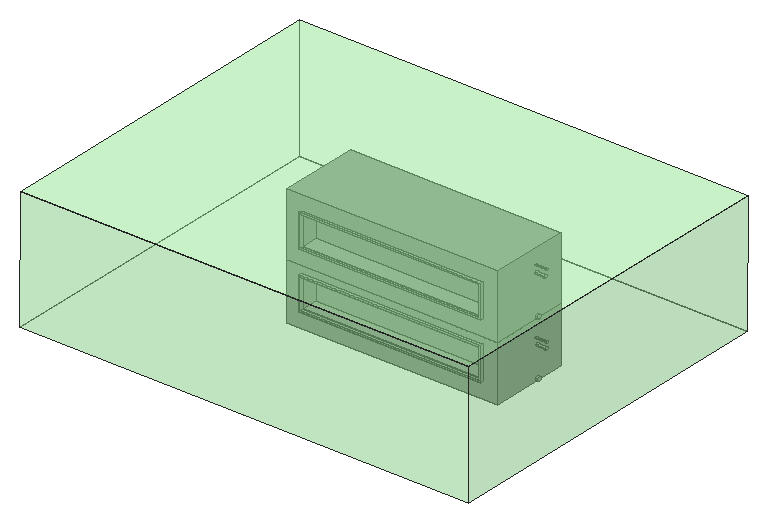
Revit family "BC_Hitachi_RPI-FSN3PE-16.0-20.0_LOD400", category Equipement de génie climatique, Revit 2016
Family settings
  Type d'élément = Normal
  Cote de connecteur circulaire = Utiliser le diamètre
  Numéro OmniClass = 23.75.00.00
  Titre OmniClass = Climate Control (HVAC)
  Basée sur le plan de construction = Non
  Toujours verticalement = Oui
  Couper avec des vides une fois chargée = Non
  Partagée = Non
  Point de calcul de pièce = Non
Parameters (values of type "RPI - 16.0 FSN3PE")
  Usage Current = 16.2 A
  Sound power max (dB(A)) = 79
  Refrigerant = "R410A"
  Product Code = "7E425038"
  Overall Width = 600.00 mm
  Overall Height = 1592.00 mm
  Overall Depth = 423.00 mm
  Output Width = Input Width  # 1376.00 mm
  Output Height = 250.00 mm
  Outlet Diameter = 25.00 mm
  Number of Poles = "1"
  Nominal Voltage = 230 V
  Minimum Air Flow = 120000.0 L/min
  Minimum AC Voltage = 207 V
  Maximum Air Flow = 132000.0 L/min
  Maximum AC Voltage = 253 V
  Operation and service space [instance] = yes
  Modèle = "Ducted unit RPI-FSN3/4 - 16 to 20"
  Mass = 171.00 kg
  Liquid pipe Height = 300.00 mm
  Liquid Diameter = 9.52 mm
  Input Width = 1376.00 mm
  Input Height = 324.00 mm
  Heating Capacity = 50 kW
  Gas pipe Height = 250.00 mm
  Gas Diameter = 19.05 mm
  Frequency = 50 Hz
  Drain pipe Height = 20.00 mm
  Fan motor type (output) = 1065 W
  Fabricant = "HITACHI"
  Distance from left liquid pipe = 360.00 mm
  Distance from left Gas pipe = 370.00 mm
  Distance from left Drain pipe = 370.00 mm
  Description = "Duct High pressure, Up to 220 Pa"
  Cooling Capacity = 45 kW
  Commentaires du type = "RPI - 16.0 FSN3PE"
  Color = ""
  Air outlet distance = 25.00 mm
  Air flow Speed (high/medium/low) m3/min) = "132/120"
  Acoustic Pressure Level Mini (dB) = 53
  Acoustic Pressure Level Maxi (dB) = 56
Types (2, lengths in mm): name | Usage Current | Sound power max (dB(A)) | Product Code | Minimum Air Flow | Maximum Air Flow | Heating Capacity | Gas Diameter | Distance from left Gas pipe | Cooling Capacity | Commentaires du type | Air flow Speed (high/medium/low) m3/min) | Acoustic Pressure Level Mini (dB) | Acoustic Pressure Level Maxi (dB)
  RPI - 16.0 FSN3PE | 16.2 A | 79 | "7E425038" | 120000.0 L/min | 132000.0 L/min | 50 kW | 19.05 | 370.00 | 45 kW | "RPI - 16.0 FSN3PE" | "132/120" | 53 | 56
  RPI - 20.0 FSN3PE | 17.7 A | 80 | "7E425039" | 137000.0 L/min | 150000.0 L/min | 63 kW | 22.20 | 360.00 | 63 kW | "RPI - 20.0 FSN3PE" | "150/137" | 54 | 57
Reference planes
  plane 1 "Centre (avant/arrière)": y = 0
  plane 2: z = 0
  plane 3 "Centre (gauche/droite)": x = 0
  plane 4 "Gauche Boitier": x = -796
  plane 5 "Droit Boitier": x = 796
  plane 6 "Top": y = 300
  plane 7 "Base": y = -300
  plane 8 "Profondeur": z = 423
  plane 9: z = 140
  plane 10: z = 86
  plane 11 "DECALAGE Air Inlet": y = 330
  plane 12 "Decalage Air outlet": y = -325
  plane 13: x = 688
  plane 14: x = -688
  plane 15: x = -688
  plane 16: x = 688
  plane 17: z = 373.5
  plane 18: z = 49.5
  plane 19: z = 211.5
  plane 20 "A": x = -1997
  plane 21: y = -1325
  plane 22 "B": x = 1397
  plane 23: y = 1325
  plane 24 "L1": z = 433
  plane 25 "L2": z = -10
  plane 26: z = 563
  plane 27: z = 509
  plane 28 "L3": z = 916
  plane 29: z = 123.5
  plane 30: z = 133.5
  plane 31: z = 363.5
  plane 32: x = -678
  plane 33: x = 678
  plane 34: z = 59.5
Forms (mm)
  Extrusion 1, solid, material "Aluminum"
    sketch origin (0, 0, 0) x (1, 0, 0) y (0, 1, 0)
      loop
        line (-796, 300) -> (-796, -300) -> (796, -300) -> (796, 300) -> (-796, 300)
    from 0 to 423
  Extrusion 2, solid, material "Copper"
    sketch origin (796, 0, 0) x (0, 1, 0) y (0, 0, 1)
      loop
        circle (60, 300) r 4.76
    from 0 to 91
  Extrusion 3, solid, material "Copper"
    sketch origin (796, 41.538, 47.769) x (0, 1, 0) y (0, 0, 1)
      loop
        circle (28.462, 202.231) r 9.525
    from 0 to 81
  Extrusion 4, solid, material "Plastic, Opaque White"
    sketch origin (796, 133.133, 76.392) x (0, 1, 0) y (0, 0, 1)
      loop
        circle (-63.133, -56.392) r 12.5
    from 0 to 22
  Extrusion 5, solid, material "Aluminum"
    sketch origin (0, -300, 0) x (-1, 0, 0) y (0, 0, 1)
      loop
        line (-688, 373.5) -> (-688, 123.5) -> (688, 123.5) -> (688, 373.5) -> (-688, 373.5)
    from 0 to -25
  Extrusion 6, solid, material "Aluminum"
    sketch origin (0, 300, 0) x (1, 0, 0) y (0, 0, 1)
      loop
        line (688, 373.5) -> (-688, 373.5) -> (-688, 49.5) -> (688, 49.5) -> (688, 373.5)
    from 0 to -30
  Extrusion 7, solid, material "Aluminum"
    sketch origin (0, 0, 423) x (1, 0, 0) y (0, 1, 0)
      loop
        line (-796, 300) -> (-796, -300) -> (796, -300) -> (796, 300) -> (-796, 300)
    from 0 to 483
  Extrusion 8, solid, material "Copper"
    sketch origin (796, 0, 423) x (0, 1, 0) y (0, 0, 1)
      loop
        circle (60, 370) r 4.76
    from 0 to 91
  Extrusion 9, solid, material "Copper"
    sketch origin (796, 41.538, 470.769) x (0, 1, 0) y (0, 0, 1)
      loop
        circle (18.462, 272.231) r 9.525
    from 0 to 81
  Extrusion 10, solid, material "Plastic, Opaque White"
    sketch origin (796, 133.133, 499.392) x (0, 1, 0) y (0, 0, 1)
      loop
        circle (-63.133, -56.392) r 12.5
    from 0 to 22
  Extrusion 11, solid, material "Aluminum"
    sketch origin (0, -300, 423) x (-1, 0, 0) y (0, 0, 1)
      loop
        line (-688, 373.5) -> (-688, 123.5) -> (688, 123.5) -> (688, 373.5) -> (-688, 373.5)
    from 0 to -25
  Extrusion 12, solid, material "Aluminum"
    sketch origin (0, 300, 423) x (1, 0, 0) y (0, 0, 1)
      loop
        line (688, 373.5) -> (-688, 373.5) -> (-688, 49.5) -> (688, 49.5) -> (688, 373.5)
    from 0 to -30
  Extrusion 13, solid, material "Operation and service space", visible <- "Operation and service space"
    sketch origin (0, 0, -10) x (0, -1, 0) y (1, 0, 0)
      loop
        line (-1325, -1997) -> (1325, -1997) -> (1325, 1397) -> (-1325, 1397) -> (-1325, -1997)
    from 0 to 926
  Extrusion 14, void
    sketch origin (0, -325, 0) x (-1, 0, 0) y (0, 0, 1)
      loop
        line (678, 363.5) -> (-678, 363.5) -> (-678, 133.5) -> (678, 133.5) -> (678, 363.5)
      loop
        line (678, 786.625) -> (-678, 786.625) -> (-678, 556.625) -> (678, 556.625) -> (678, 786.625)
    from 0 to 150
  Extrusion 15, void
    sketch origin (0, 330, 0) x (1, 0, 0) y (0, 0, 1)
      loop
        line (678, 363.5) -> (-678, 363.5) -> (-678, 59.5) -> (678, 59.5) -> (678, 363.5)
      loop
        line (678, 786.625) -> (-678, 786.625) -> (-678, 482.625) -> (678, 482.625) -> (678, 786.625)
    from 0 to 196.162
Cuts and joins
  Extrusion 14, Extrusion 15 cuts Extrusion 1
  Extrusion 14 cuts Extrusion 5
  Extrusion 14, Extrusion 15 cuts Extrusion 13
  Extrusion 14 cuts Extrusion 11
  Extrusion 14, Extrusion 15 cuts Extrusion 7
  Extrusion 15 cuts Extrusion 6
  Extrusion 15 cuts Extrusion 12
Lines and regions (mm)
  model lines, style "MechanicalEquipmentHiddenLines", visible <- "Operation and service space"
    curve 1: line (-1997, 1325, 916) -> (1397, 1325, 916)
    curve 2: line (-1997, -1325, 916) -> (-1997, 1325, 916)
    curve 3: line (1397, -1325, 916) -> (-1997, -1325, 916)
    curve 4: line (1397, 1325, 916) -> (1397, -1325, 916)
    curve 5: line (-1997, 1325, -10) -> (1397, 1325, -10)
    curve 6: line (-1997, -1325, -10) -> (-1997, 1325, -10)
    curve 7: line (1397, -1325, -10) -> (-1997, -1325, -10)
    curve 8: line (1397, 1325, -10) -> (1397, -1325, -10)
    curve 9: line (-1997, 1325, 916) -> (-1997, 1325, -10)
    curve 10: line (-1997, -1325, 916) -> (-1997, -1325, -10)
    curve 11: line (1397, 1325, 916) -> (1397, 1325, -10)
    curve 12: line (1397, -1325, 916) -> (1397, -1325, -10)
Dimensions and locks
  "Overall Height": plane 4 "Gauche Boitier" to plane 5 "Droit Boitier"
  equal spacing: plane 4 "Gauche Boitier", plane 3 "Centre (gauche/droite)", plane 5 "Droit Boitier"
  equal spacing: plane 7 "Base", plane 1 "Centre (avant/arrière)", plane 6 "Top"
  "Overall Width": plane 7 "Base" to plane 6 "Top"
  "Distance from left liquid pipe": plane 7 "Base" to Extrusion 2 sketch curve
  "Liquid pipe Height": Extrusion 2 sketch curve to plane 2
  "Distance from left Gas pipe": plane 7 "Base" to Extrusion 3 sketch curve
  "Gas pipe Height": Extrusion 3 sketch curve to plane 2
  "Distance from left Drain pipe": plane 7 "Base" to Extrusion 4 sketch curve
  "Air outlet distance": plane 7 "Base" to plane 12 "Decalage Air outlet"
  equal spacing: plane 15, plane 3 "Centre (gauche/droite)", plane 16
  "Input Height": plane 18 to plane 17
  equal spacing: plane 8 "Profondeur", plane 19, plane 2
  equal spacing: plane 17, plane 19, plane 18
  "Drain pipe Height": Extrusion 4 sketch curve to plane 2
  "Output Width": plane 14 to plane 13
  "Input Width": plane 15 to plane 16
  equal spacing: plane 14, plane 3 "Centre (gauche/droite)", plane 13
  equal spacing: plane 23, plane 1 "Centre (avant/arrière)", plane 21
  locked: plane 12 "Decalage Air outlet" to plane 21 at 1000
  plane 20 "A" to Extrusion 1 = 1201.00 mm
  Extrusion 1 to plane 22 "B" = 601.00 mm
  locked: Extrusion 1 to plane 25 "L2" at 10
  locked: plane 24 "L1" to Extrusion 1 at 10
  plane 28 "L3" to plane 2 = 916.00 mm
  "Overall Depth": plane 8 "Profondeur" to plane 2
  locked: plane 28 "L3" to Extrusion 7 at 10
  locked: plane 17 to plane 31 at 10
  locked: plane 30 to plane 29 at 10
  "Output Height": plane 17 to plane 29
  plane 32 to plane 15 = 10.00 mm
  plane 16 to plane 33 = 10.00 mm
  plane 17 to Extrusion 14 sketch curve to Extrusion 14 sketch curve = 10.00 mm, 230.00 mm
  Extrusion 11 to Extrusion 14 sketch curve = 9.875 mm
  Extrusion 14 sketch curve to Extrusion 11 = 10.125 mm
  locked: plane 18 to plane 34 at 10
  "Liquid Diameter": diameter of Extrusion 2 sketch curve
  "Gas Diameter": diameter of Extrusion 3 sketch curve
  "Outlet Diameter": diameter of Extrusion 4 sketch curve
  "Liquid Diameter": diameter of Extrusion 8 sketch curve
  "Gas Diameter": diameter of Extrusion 9 sketch curve
  "Outlet Diameter": diameter of Extrusion 10 sketch curve
  aligned and locked: level to plane 2
  aligned and locked: plane 6 "Top" to Extrusion 1 sketch curve
  aligned and locked: Extrusion 1 sketch curve to plane 4 "Gauche Boitier"
  aligned and locked: plane 7 "Base" to Extrusion 1 sketch curve
  aligned and locked: Extrusion 1 sketch curve to plane 5 "Droit Boitier"
  aligned and locked: plane 8 "Profondeur" to Extrusion 1
  aligned and locked: Extrusion 5 to plane 12 "Decalage Air outlet"
  aligned and locked: plane 16 to Extrusion 6 sketch curve
  aligned and locked: plane 18 to Extrusion 6 sketch curve
  aligned and locked: Extrusion 6 sketch curve to plane 17
  aligned and locked: plane 15 to Extrusion 6 sketch curve
  aligned and locked: plane 17 to Extrusion 5
  aligned and locked: plane 13 to Extrusion 5
  aligned and locked: plane 13 to Extrusion 5 sketch curve
  aligned and locked: plane 14 to Extrusion 5 sketch curve
  aligned and locked: curve 1 to plane 23
  aligned and locked: plane 20 "A" to curve 2
  aligned and locked: plane 21 to curve 3
  aligned and locked: plane 22 "B" to curve 4
  aligned and locked: curve 5 to curve 1
  aligned and locked: curve 6 to curve 2
  aligned and locked: curve 7 to curve 3
  aligned and locked: curve 8 to curve 4
  aligned and locked: Extrusion 13 sketch curve to curve 1
  aligned and locked: Extrusion 13 sketch curve to curve 2
  aligned and locked: Extrusion 13 sketch curve to curve 3
  aligned and locked: Extrusion 13 sketch curve to curve 4
  aligned and locked: plane 28 "L3" to Extrusion 13
  aligned and locked: Extrusion 5 sketch curve to plane 29
  aligned and locked: plane 17 to Extrusion 5 sketch curve
  aligned and locked: Extrusion 14 sketch curve to plane 32
  aligned and locked: plane 33 to Extrusion 14 sketch curve
  aligned and locked: Extrusion 15 sketch curve to cut or joined group of Extrusion 1, Extrusion 14, Extrusion 15  (x2)
  aligned and locked: Extrusion 15 sketch curve to plane 34
  aligned and locked: Extrusion 15 sketch curve to plane 32
Automatic sketch dimensions
  curve 10 to plane 21 = 0.00 mm
  curve 9 to plane 23 = 0.00 mm
  curve 9 to plane 25 "L2" = 0.00 mm
  curve 10 to plane 25 "L2" = 0.00 mm
  plane 24 "L1" to curve 10 = 483.00 mm
  plane 24 "L1" to curve 9 = 483.00 mm
  curve 11 to plane 23 = 0.00 mm
  curve 12 to plane 21 = 0.00 mm
  curve 11 to plane 25 "L2" = 0.00 mm
  curve 12 to plane 25 "L2" = 0.00 mm
  plane 24 "L1" to curve 12 = 483.00 mm
  plane 24 "L1" to curve 11 = 483.00 mm
  Extrusion 7 sketch curve to plane 4 "Gauche Boitier" = 0.00 mm
  Extrusion 7 sketch curve to plane 5 "Droit Boitier" = 0.00 mm
  Extrusion 7 sketch curve to plane 7 "Base" = 0.00 mm
  plane 6 "Top" to Extrusion 7 sketch curve = 0.00 mm
  Extrusion 11 sketch curve to plane 13 = 0.00 mm
  plane 14 to Extrusion 11 sketch curve = 0.00 mm
  plane 24 "L1" to Extrusion 11 sketch curve = 113.50 mm
  Extrusion 11 sketch curve to Extrusion 11 sketch curve = 250.00 mm
  Extrusion 12 sketch curve to plane 15 = 0.00 mm
  Extrusion 12 sketch curve to plane 16 = 0.00 mm
  plane 24 "L1" to Extrusion 12 sketch curve = 39.50 mm
  Extrusion 12 sketch curve to Extrusion 12 sketch curve = 324.00 mm
  Extrusion 14 sketch curve to plane 33 = 0.00 mm
  Extrusion 14 sketch curve to plane 32 = 0.00 mm
  Extrusion 15 sketch curve to plane 32 = 0.00 mm
  Extrusion 15 sketch curve to plane 33 = 0.00 mm
  plane 24 "L1" to Extrusion 15 sketch curve = 49.625 mm
  Extrusion 15 sketch curve to plane 28 "L3" = 129.375 mm
  Extrusion 8 sketch curve to plane 1 "Centre (avant/arrière)" = 60.00 mm
  Extrusion 8 sketch curve to plane 28 "L3" = 123.00 mm
  Extrusion 9 sketch curve to plane 1 "Centre (avant/arrière)" = 60.00 mm
  Extrusion 9 sketch curve to plane 28 "L3" = 173.00 mm
  plane 24 "L1" to Extrusion 10 sketch curve = 10.00 mm
  Extrusion 10 sketch curve to plane 1 "Centre (avant/arrière)" = 70.00 mm
Connectors
  piping at (818, 70, 20), diameter 25, driven by "Outlet Diameter"
    settings: on Extrusion 4, index 1, connector inside diameter 609.6 mm, connector length 0.00 mm, flow factor 0, pipe flow 0.0 L/s, pressure drop 0.0 Pa, fitting loss kfactor 0, connector angle 0.00°, fixture units 0, engagement length 0.00 mm, angle of deflection 0.00°, flow configuration 0, flow direction 0, fitting loss method 0, system type 16, joint type 0, gender type 0, connector reference index -1, connector utility 0, adjustable connector no, is connector primary yes, connector description ""
  piping at (877, 70, 250), diameter 19.05, driven by "Gas Diameter"
    settings: on Extrusion 3, index 2, connector inside diameter 609.6 mm, connector length 0.00 mm, flow factor 0, pipe flow 0.0 L/s, pressure drop 0.0 Pa, fitting loss kfactor 0, connector angle 0.00°, fixture units 0, engagement length 0.00 mm, angle of deflection 0.00°, flow configuration 0, flow direction 0, fitting loss method 0, system type 29, joint type 0, gender type 0, connector reference index -1, connector utility 0, adjustable connector no, is connector primary no, connector description ""
  piping at (887, 60, 300), diameter 9.52, driven by "Liquid Diameter"
    settings: on Extrusion 2, index 3, connector inside diameter 609.6 mm, connector length 0.00 mm, flow factor 0, pipe flow 0.0 L/s, pressure drop 0.0 Pa, fitting loss kfactor 0, connector angle 0.00°, fixture units 0, engagement length 0.00 mm, angle of deflection 0.00°, flow configuration 0, flow direction 0, fitting loss method 0, system type 29, joint type 0, gender type 0, connector reference index -1, connector utility 0, adjustable connector no, is connector primary no, connector description ""
  hvac at (0, 330, 211.5), driven by "Input Height", driven by "Input Width"
    settings: on Extrusion 6, index 5, duct flow 0.0 L/min, flow factor 0, pres drop 0.0 Pa, loss coef 0, conn angle 0.00°, conn width 1376 mm, conn height 324 mm, conn diameter 609.6 mm, duct sys type 29, conn prof type 1, flow config 0, flow direction 1, loss method 0, conn ref index -1, conn util no, is conn primary yes, conn desc ""
  hvac at (0, -325, 248.5), driven by "Output Height", driven by "Output Width"
    settings: on Extrusion 5, index 6, duct flow 0.0 L/min, flow factor 0, pres drop 0.0 Pa, loss coef 0, conn angle 0.00°, conn width 1376 mm, conn height 250 mm, conn diameter 609.6 mm, duct sys type 29, conn prof type 1, flow config 0, flow direction 2, loss method 0, conn ref index -1, conn util no, is conn primary no, conn desc ""
  piping at (818, 70, 443), diameter 25, driven by "Outlet Diameter"
    settings: on Extrusion 10, index 7, connector inside diameter 609.6 mm, connector length 0.00 mm, flow factor 0, pipe flow 0.0 L/s, pressure drop 0.0 Pa, fitting loss kfactor 0, connector angle 0.00°, fixture units 0, engagement length 0.00 mm, angle of deflection 0.00°, flow configuration 0, flow direction 0, fitting loss method 0, system type 16, joint type 0, gender type 0, connector reference index -1, connector utility 0, adjustable connector no, is connector primary no, connector description ""
  piping at (877, 60, 743), diameter 19.05, driven by "Gas Diameter"
    settings: on Extrusion 9, index 8, connector inside diameter 609.6 mm, connector length 0.00 mm, flow factor 0, pipe flow 0.0 L/s, pressure drop 0.0 Pa, fitting loss kfactor 0, connector angle 0.00°, fixture units 0, engagement length 0.00 mm, angle of deflection 0.00°, flow configuration 0, flow direction 0, fitting loss method 0, system type 29, joint type 0, gender type 0, connector reference index -1, connector utility 0, adjustable connector no, is connector primary no, connector description ""
  piping at (887, 60, 793), diameter 9.52, driven by "Liquid Diameter"
    settings: on Extrusion 8, index 9, connector inside diameter 609.6 mm, connector length 0.00 mm, flow factor 0, pipe flow 0.0 L/s, pressure drop 0.0 Pa, fitting loss kfactor 0, connector angle 0.00°, fixture units 0, engagement length 0.00 mm, angle of deflection 0.00°, flow configuration 0, flow direction 0, fitting loss method 0, system type 29, joint type 0, gender type 0, connector reference index -1, connector utility 0, adjustable connector no, is connector primary no, connector description ""
  hvac at (0, 330, 634.5), driven by "Input Height", driven by "Input Width"
    settings: on Extrusion 12, index 10, duct flow 0.0 L/min, flow factor 0, pres drop 0.0 Pa, loss coef 0, conn angle 0.00°, conn width 1376 mm, conn height 324 mm, conn diameter 609.6 mm, duct sys type 29, conn prof type 1, flow config 0, flow direction 1, loss method 0, conn ref index -1, conn util no, is conn primary no, conn desc ""
  hvac at (0, -325, 671.5), driven by "Output Height", driven by "Output Width"
    settings: on Extrusion 11, index 11, duct flow 0.0 L/min, flow factor 0, pres drop 0.0 Pa, loss coef 0, conn angle 0.00°, conn width 1376 mm, conn height 250 mm, conn diameter 609.6 mm, duct sys type 29, conn prof type 1, flow config 0, flow direction 2, loss method 0, conn ref index -1, conn util no, is conn primary no, conn desc ""
  electrical at (796, 0, 664.5), driven by "Nominal Voltage"
    settings: on Extrusion 7, index 12, voltage 230 V, apparent load 0 VA, apparent load phase1 0 VA, apparent load phase2 0 VA, apparent load phase3 0 VA, power factor 1, load classification "Autre", number of poles 1, system type 31, power factor state 1, is connector primary yes, connector utility no, sub classification motor no, connector description ""
  electrical at (796, 0, 211.5), driven by "Nominal Voltage"
    settings: on Extrusion 1, index 13, voltage 230 V, apparent load 0 VA, apparent load phase1 0 VA, apparent load phase2 0 VA, apparent load phase3 0 VA, power factor 1, load classification "Autre", number of poles 1, system type 31, power factor state 1, is connector primary no, connector utility no, sub classification motor no, connector description ""
